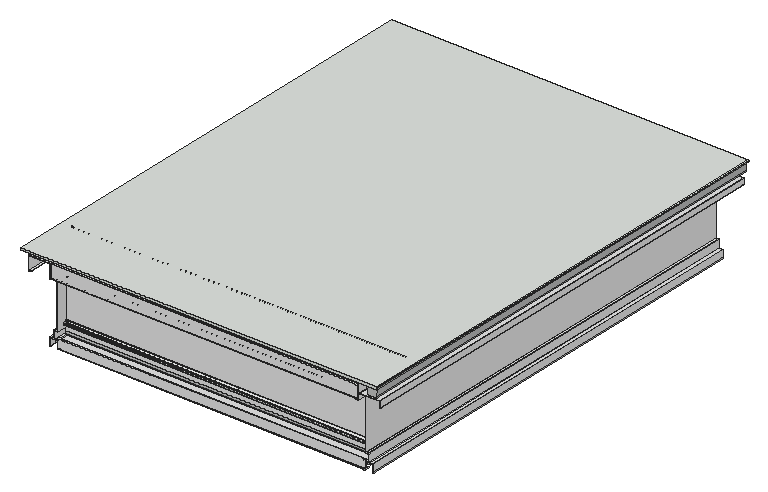
Revit family "Furniture-Mirror_Cabinet-KOHLER-K-56002K_1", category Casework, host Face, Revit 2022
Family settings
  Host = Face
  OmniClass Number = 23.21.19.00
  OmniClass Title = Casework
  Cut with Voids When Loaded = No
  Shared = No
  Room Calculation Point = No
Parameters (values of type "NA-Not Applicable")
  Width = 20"  # constant formula
  WaterSense Certified = 1 = 0  # no
  URL = "https://www.kohlerasiapacific.com/"
  Type = 1
  Surface Mount [instance] = no
  Recess Mount [instance] = not(Surface Mount)  # yes
  Product Page URL = ""
  Product Name = ""
  Product Documentation Link = ""
  Model = if(Type = 1, "K-56002K-NA", "NA")  # "K-56002K-NA"
  Material = "Aluminium"  # constant formula
  Master Format 2014 Name = "Bathroom Casework"  # constant formula
  Master Format 2014 = "12 35 30.23"  # constant formula
  Manufacturer Address = "No. 158 Jiang Chang San Road, Zhabei District, Shanghai, China"  # constant formula
  Manufacturer = "Kohler Co."  # constant formula
  Product Finish = Kohler-Metal-V-Matte_Silver
  Height = 25.98425"  # constant formula
  Hardware Included = 1 = 0  # no
  Finish = "Kohler-Metal-V-Matte_Silver"  # constant formula
  Environmental Product Declaration = ""
  Distance [instance] = if(or(Surface Mount), 3.73819", 0")  # 0"
  Description = "CL Refresh 20 Inch X 26 Inch Dual Mount Good"  # constant formula
  Depth = 4.91339"  # constant formula
  Default Elevation = 60"
  Declare Label = ""
  Date Modified = "09/10/2025"  # constant formula
  Date Created = "09/10/2025"  # constant formula
  Copyright = "Copyright Kohler Co."  # constant formula
  Contact Us = "https://www.kohlerasiapacific.com/contact-us"
  Assembly Code = "E2010.30"
  ADA Compliant = 1 = 0  # no
Reference planes (in)
  plane 1 "Center (Front/Back)": y = 0
  plane 2: z = 0
  plane 3 "Center (Left/Right)": x = 0
  plane 4: x = -7.99213
  plane 5: x = 7.99213
  plane 6: z = 1.17503
  plane 7: z = -3.73835
  plane 8: z = 0
  plane 9: z = 1.05692
  plane 10: z = 0.55177
  plane 11: x = 10
  plane 12: y = 12.99213
  plane 13: x = -10
  plane 14: y = -12.99213
  plane 15: x = 9.98054
  plane 16: x = -9.74409
  plane 17: y = 12.73622
  plane 18: y = -12.73622
Forms (in)
  Extrusion 1, void
    sketch origin (0, 0, 0) x (1, 0, 0) y (0, 0, 1)
      loop
        line (9.27132, -3.77772) -> (9.27132, 0) -> (-9, 0) -> (-9, -3.77772) -> (9.27132, -3.77772)
    from -12.28258 to 12.28575
Dimensions and locks (in)
  "Distance": plane 8 to level
  plane 6 to plane 8 = 1.17503"
  "Depth": plane 6 to plane 7
  "Width": plane 13 to plane 11
  "Height": plane 12 to plane 14
  plane 6 to plane 9 = 0.11811"
  plane 6 to plane 10 = 0.62326"
  plane 15 to plane 16 = 19.72463"
  plane 17 to plane 18 = 25.47244"
  aligned and locked: plane 2 to host face
  aligned and locked: level to host face
  aligned and locked: nested 1 to plane 8
  aligned and locked: Extrusion 1 to plane 8
Automatic sketch dimensions
  host sketch curve to host sketch curve = 96"  (x2)
  plane 4 to Extrusion 1 sketch curve = 1.00787"
  plane 5 to Extrusion 1 sketch curve = 1.27919"
  plane 7 to Extrusion 1 sketch curve = 0.03937"
  Extrusion 1 sketch curve to plane 8 = 0"
Nested families (in)
  nested 1: "K-56002K" at (0, 0, -3.73835), type "K-56002K"
Definition of nested family "K-56002K"
  Parameters
    Surface Mount = yes
    Recess Mount = yes
    Material = none
    Default Elevation = 0"
  Reference planes (in)
    plane 1 "Center (Front/Back)": y = 0
    plane 2: z = 0
    plane 3 "Center (Left/Right)": x = 0
    plane 4: z = 0
    plane 5: z = 4.91339
    plane 6: z = 3.73835
    plane 7: z = 4.29012
    plane 8: x = 10
    plane 9: x = -10
    plane 10: y = 12.99213
    plane 11: y = -12.99213
  Forms (in)
    Extrusion 1, solid, material <- "Material"
      sketch origin (0, 0, 0) x (1, 0, 0) y (0, 0, 1)
        loop
          line (-9.6811, 4.47343) -> (-8.55709, 4.47343)
          arc (-8.55709, 4.47343) -> (-8.54317, 4.46766) -> (-8.5374, 4.45374) r 0.01969
          line (-8.5374, 4.45374) -> (-8.5374, 0.90909)
          arc (-8.5374, 0.90909) -> (-8.54317, 0.89518) -> (-8.55709, 0.88941) r 0.01969
          line (-8.55709, 0.88941) -> (-8.68898, 0.88941)
          arc (-8.68898, 0.88941) -> (-8.7029, 0.88364) -> (-8.70866, 0.86972) r 0.01969
          line (-8.70866, 0.86972) -> (-8.70866, 0.46421)
          arc (-8.70866, 0.46421) -> (-8.71443, 0.45029) -> (-8.72835, 0.44453) r 0.01969
          line (-8.72835, 0.44453) -> (-8.92409, 0.44453)
          arc (-8.92409, 0.44453) -> (-8.93801, 0.43876) -> (-8.94378, 0.42484) r 0.01969
          line (-8.94378, 0.42484) -> (-8.94378, 0.02427)
          arc (-8.94378, 0.02427) -> (-8.92213, 0.00261) -> (-8.90047, 0.02427) r 0.02165
          line (-8.90047, 0.02427) -> (-8.90047, 0.40122) -> (-8.49413, 0.40122) -> (-8.49413, 0.44453) -> (-8.66535, 0.44453) -> (-8.66535, 0.8461) -> (-8.49409, 0.8461) -> (-8.49409, 4.51673) -> (-9.72441, 4.51673)
          arc (-9.72441, 4.51673) -> (-9.73833, 4.51097) -> (-9.74409, 4.49705) r 0.01969
          line (-9.74409, 4.49705) -> (-9.74409, 3.75804)
          arc (-9.74409, 3.75804) -> (-9.73833, 3.74412) -> (-9.72441, 3.73835) r 0.01969
          line (-9.72441, 3.73835) -> (-9.58811, 3.73835)
          arc (-9.58811, 3.73835) -> (-9.56571, 3.76075) -> (-9.58811, 3.78314) r 0.0224
          line (-9.58811, 3.78314) -> (-9.70079, 3.78314) -> (-9.70079, 4.45374)
          arc (-9.70079, 4.45374) -> (-9.69502, 4.46766) -> (-9.6811, 4.47343) r 0.01969
      from -12.73622 to 12.73622
    Extrusion 2, solid, visible <- "Surface Mount"
      sketch origin (-0.49193, 0, 0.66536) x (1, 0, 0) y (0, 0, 1)
        loop
          line (-9.16424, 3.06673) -> (-9.22197, 3.06673) -> (-9.25216, 3.03075) -> (-9.25216, -0.60834) -> (-9.23037, -0.63012) -> (-9.15584, -0.63012) -> (-9.13405, -0.60834) -> (-9.13405, 0.25177) -> (-9.13405, 3.03075) -> (-9.16424, 3.06673)
      from -12.73622 to 12.73622
    Extrusion 3, solid, material <- "Material", visible <- "Surface Mount"
      sketch origin (-2.50006, -0.00126, 0.2512) x (1, 0, 0) y (0, 1, 0)
        loop
          line (-7.12598, -10.8622) -> (-7.07508, -10.8622) -> (-7.07508, -10.17944)
          arc (-7.07508, -10.17944) -> (-7.05924, -10.11433) -> (-7.01524, -10.06378) r 0.1417
          line (-7.01524, -10.06378) -> (-6.06643, -9.39221)
          arc (-6.06643, -9.39221) -> (-6.04504, -9.36763) -> (-6.03734, -9.33598) r 0.0689
          line (-6.03734, -9.33598) -> (-6.03734, -8.66151)
          arc (-6.03734, -8.66151) -> (-6.04504, -8.62985) -> (-6.06643, -8.60528) r 0.06888
          line (-6.06643, -8.60528) -> (-7.01524, -7.93371)
          arc (-7.01524, -7.93371) -> (-7.05924, -7.88316) -> (-7.07508, -7.81805) r 0.1417
          line (-7.07508, -7.81805) -> (-7.07508, -7.13528) -> (-7.12598, -7.13528) -> (-7.12598, -7.82308)
          arc (-7.12598, -7.82308) -> (-7.1098, -7.88959) -> (-7.06487, -7.94122) r 0.14474
          line (-7.06487, -7.94122) -> (-6.12282, -8.608)
          arc (-6.12282, -8.608) -> (-6.09226, -8.64311) -> (-6.08125, -8.68833) r 0.09843
          line (-6.08125, -8.68833) -> (-6.08125, -9.30915)
          arc (-6.08125, -9.30915) -> (-6.09226, -9.35438) -> (-6.12282, -9.38949) r 0.09843
          line (-6.12282, -9.38949) -> (-7.06487, -10.05627)
          arc (-7.06487, -10.05627) -> (-7.1098, -10.1079) -> (-7.12598, -10.17441) r 0.14474
          line (-7.12598, -10.17441) -> (-7.12598, -10.8622)
      from 0.92199 to 2.33959
    Extrusion 4, solid, material <- "Material"
      sketch origin (0, 0, 0) x (1, 0, 0) y (0, 0, 1)
        loop
          line (8.73031, 4.51673) -> (8.73031, 0.86705)
          arc (8.73031, 0.86705) -> (8.73608, 0.85313) -> (8.75, 0.84737) r 0.01969
          line (8.75, 0.84737) -> (8.88189, 0.84737)
          arc (8.88189, 0.84737) -> (8.89581, 0.8416) -> (8.90157, 0.82768) r 0.01969
          line (8.90157, 0.82768) -> (8.90157, 0.44579) -> (8.73359, 0.44579) -> (8.73359, 0.40249) -> (9.11701, 0.40249)
          arc (9.11701, 0.40249) -> (9.13093, 0.39672) -> (9.13669, 0.3828) r 0.01969
          line (9.13669, 0.3828) -> (9.13669, 0.02464)
          arc (9.13669, 0.02464) -> (9.15835, 0.00299) -> (9.18, 0.02464) r 0.02165
          line (9.18, 0.02464) -> (9.18, 0.42611)
          arc (9.18, 0.42611) -> (9.17423, 0.44003) -> (9.16031, 0.44579) r 0.01969
          line (9.16031, 0.44579) -> (8.96457, 0.44579)
          arc (8.96457, 0.44579) -> (8.95065, 0.45156) -> (8.94488, 0.46548) r 0.01969
          line (8.94488, 0.46548) -> (8.94488, 0.87099)
          arc (8.94488, 0.87099) -> (8.93912, 0.88491) -> (8.9252, 0.89068) r 0.01969
          line (8.9252, 0.89068) -> (8.79331, 0.89068)
          arc (8.79331, 0.89068) -> (8.77939, 0.89644) -> (8.77362, 0.91036) r 0.01969
          line (8.77362, 0.91036) -> (8.77362, 4.04705)
          arc (8.77362, 4.04705) -> (8.77939, 4.06097) -> (8.79331, 4.06673) r 0.01969
          line (8.79331, 4.06673) -> (9.91271, 4.06673)
          arc (9.91271, 4.06673) -> (9.92663, 4.06097) -> (9.93239, 4.04705) r 0.01969
          line (9.93239, 4.04705) -> (9.93239, 3.76)
          arc (9.93239, 3.76) -> (9.95405, 3.73835) -> (9.9757, 3.76) r 0.02165
          line (9.9757, 3.76) -> (9.9757, 4.08555)
          arc (9.9757, 4.08555) -> (9.96853, 4.10287) -> (9.95121, 4.11004) r 0.02449
          line (9.95121, 4.11004) -> (8.7815, 4.11004) -> (8.7815, 4.51673) -> (8.73031, 4.51673)
      from -12.73622 to 12.73622
    Extrusion 5, solid, material <- "Material"
      sketch origin (0, -2.9922, 0.66531) x (0, 1, 0) y (0, 0, 1)
        loop
          line (15.70857, 3.83268) -> (14.6217, 3.83268)
          arc (14.6217, 3.83268) -> (14.6064, 3.8237) -> (14.60678, 3.80597) r 0.01752
          arc (14.60678, 3.80597) -> (14.62801, 3.75766) -> (14.63527, 3.70539) r 0.1918
          line (14.63527, 3.70539) -> (14.63527, 0.00829)
          arc (14.63527, 0.00829) -> (14.59725, -0.12575) -> (14.49452, -0.21986) r 0.25528
          arc (14.49452, -0.21986) -> (14.48282, -0.23057) -> (14.47849, -0.24583) r 0.02906
          line (14.47849, -0.24583) -> (14.47849, -0.27726) -> (14.91464, -0.27726) -> (14.91464, -0.36469)
          arc (14.91464, -0.36469) -> (14.9362, -0.38626) -> (14.95776, -0.36469) r 0.02156
          line (14.95776, -0.36469) -> (14.95776, -0.2649) -> (15.16559, -0.2649)
          arc (15.16559, -0.2649) -> (15.17951, -0.27067) -> (15.18527, -0.28459) r 0.01969
          line (15.18527, -0.28459) -> (15.18527, -0.60226)
          arc (15.18527, -0.60226) -> (15.17951, -0.61618) -> (15.16559, -0.62194) r 0.01969
          line (15.16559, -0.62194) -> (14.97886, -0.62194)
          arc (14.97886, -0.62194) -> (14.95717, -0.64363) -> (14.97886, -0.66532) r 0.02169
          line (14.97886, -0.66532) -> (15.20897, -0.66532)
          arc (15.20897, -0.66532) -> (15.22289, -0.65955) -> (15.22866, -0.64563) r 0.01969
          line (15.22866, -0.64563) -> (15.22866, -0.14482)
          arc (15.22866, -0.14482) -> (15.20697, -0.12312) -> (15.18527, -0.14482) r 0.02169
          line (15.18527, -0.14482) -> (15.18527, -0.1898)
          arc (15.18527, -0.1898) -> (15.17605, -0.21207) -> (15.15378, -0.22129) r 0.0315
          line (15.15378, -0.22129) -> (14.62044, -0.22129)
          arc (14.62044, -0.22129) -> (14.60354, -0.21049) -> (14.60626, -0.19062) r 0.01862
          arc (14.60626, -0.19062) -> (14.65947, -0.09946) -> (14.67796, 0.00445) r 0.30118
          line (14.67796, 0.00445) -> (14.67796, 0.32102)
          arc (14.67796, 0.32102) -> (14.686, 0.33689) -> (14.70354, 0.33981) r 0.01969
          arc (14.70354, 0.33981) -> (14.77792, 0.33983) -> (14.83893, 0.38237) r 0.12411
          arc (14.83893, 0.38237) -> (14.83851, 0.41763) -> (14.8041, 0.42533) r 0.02841
          arc (14.8041, 0.42533) -> (14.70716, 0.39515) -> (14.67796, 0.49239) r 0.07143
          arc (14.67796, 0.49239) -> (14.73662, 0.52954) -> (14.79913, 0.49931) r 0.07143
          arc (14.79913, 0.49931) -> (14.83582, 0.49292) -> (14.84222, 0.52961) r 0.02634
          arc (14.84222, 0.52961) -> (14.78053, 0.57577) -> (14.70348, 0.57663) r 0.12411
          arc (14.70348, 0.57663) -> (14.68598, 0.57953) -> (14.67796, 0.59536) r 0.01963
          line (14.67796, 0.59536) -> (14.67796, 2.72084)
          arc (14.67796, 2.72084) -> (14.686, 2.7367) -> (14.70354, 2.73962) r 0.01969
          arc (14.70354, 2.73962) -> (14.77792, 2.73964) -> (14.83893, 2.78219) r 0.12411
          arc (14.83893, 2.78219) -> (14.83851, 2.81744) -> (14.8041, 2.82514) r 0.02841
          arc (14.8041, 2.82514) -> (14.70716, 2.79497) -> (14.67796, 2.8922) r 0.07143
          arc (14.67796, 2.8922) -> (14.73662, 2.92935) -> (14.79913, 2.89912) r 0.07143
          arc (14.79913, 2.89912) -> (14.83582, 2.89273) -> (14.84222, 2.92942) r 0.02634
          arc (14.84222, 2.92942) -> (14.78053, 2.97558) -> (14.70348, 2.97644) r 0.12411
          arc (14.70348, 2.97644) -> (14.68598, 2.97934) -> (14.67796, 2.99517) r 0.01963
          line (14.67796, 2.99517) -> (14.67796, 3.76815)
          arc (14.67796, 3.76815) -> (14.68421, 3.78323) -> (14.6993, 3.78948) r 0.02133
          line (14.6993, 3.78948) -> (15.66535, 3.78948)
          arc (15.66535, 3.78948) -> (15.67927, 3.78371) -> (15.68504, 3.7698) r 0.01969
          line (15.68504, 3.7698) -> (15.68504, 3.11813) -> (15.64684, 3.11813)
          arc (15.64684, 3.11813) -> (15.6251, 3.09639) -> (15.64684, 3.07465) r 0.02174
          line (15.64684, 3.07465) -> (15.70622, 3.07465)
          arc (15.70622, 3.07465) -> (15.7218, 3.08111) -> (15.72826, 3.09669) r 0.02204
          line (15.72826, 3.09669) -> (15.72826, 3.813)
          arc (15.72826, 3.813) -> (15.72249, 3.82692) -> (15.70857, 3.83268) r 0.01969
      from -8.49409 to 8.73031
    Extrusion 6, solid, material <- "Material"
      sketch origin (0, 2.99039, 0.88977) x (0, -1, 0) y (0, 0, -1)
        loop
          arc (15.70692, -3.6072) -> (15.72084, -3.60144) -> (15.72661, -3.58752) r 0.01969
          line (15.72661, -3.58752) -> (15.72661, -2.87227)
          arc (15.72661, -2.87227) -> (15.72015, -2.85669) -> (15.70457, -2.85023) r 0.02204
          line (15.70457, -2.85023) -> (15.64518, -2.85023)
          arc (15.64518, -2.85023) -> (15.62494, -2.87048) -> (15.64518, -2.89072) r 0.02025
          line (15.64518, -2.89072) -> (15.68338, -2.89072) -> (15.68338, -3.54432)
          arc (15.68338, -3.54432) -> (15.67762, -3.55824) -> (15.6637, -3.564) r 0.01969
          line (15.6637, -3.564) -> (14.69764, -3.564)
          arc (14.69764, -3.564) -> (14.68256, -3.55775) -> (14.67631, -3.54267) r 0.02133
          line (14.67631, -3.54267) -> (14.67631, -2.76756)
          arc (14.67631, -2.76756) -> (14.68433, -2.75173) -> (14.70183, -2.74883) r 0.01963
          arc (14.70183, -2.74883) -> (14.77887, -2.74797) -> (14.84057, -2.70182) r 0.12411
          arc (14.84057, -2.70182) -> (14.83417, -2.66512) -> (14.79747, -2.67152) r 0.02634
          arc (14.79747, -2.67152) -> (14.73497, -2.70174) -> (14.67631, -2.66459) r 0.07143
          arc (14.67631, -2.66459) -> (14.70551, -2.56736) -> (14.80245, -2.59754) r 0.07143
          arc (14.80245, -2.59754) -> (14.83686, -2.58984) -> (14.83728, -2.55458) r 0.02841
          arc (14.83728, -2.55458) -> (14.77627, -2.51203) -> (14.70189, -2.51201) r 0.12411
          arc (14.70189, -2.51201) -> (14.68435, -2.50909) -> (14.67631, -2.49323) r 0.01969
          line (14.67631, -2.49323) -> (14.67631, -0.36775)
          arc (14.67631, -0.36775) -> (14.68433, -0.35192) -> (14.70183, -0.34902) r 0.01963
          arc (14.70183, -0.34902) -> (14.77887, -0.34816) -> (14.84057, -0.302) r 0.12411
          arc (14.84057, -0.302) -> (14.83417, -0.26531) -> (14.79747, -0.2717) r 0.02634
          arc (14.79747, -0.2717) -> (14.73497, -0.30193) -> (14.67631, -0.26478) r 0.07143
          arc (14.67631, -0.26478) -> (14.70551, -0.16755) -> (14.80245, -0.19772) r 0.07143
          arc (14.80245, -0.19772) -> (14.83686, -0.19002) -> (14.83728, -0.15477) r 0.02841
          arc (14.83728, -0.15477) -> (14.77627, -0.11222) -> (14.70189, -0.1122) r 0.12411
          arc (14.70189, -0.1122) -> (14.68435, -0.10928) -> (14.67631, -0.09342) r 0.01969
          line (14.67631, -0.09342) -> (14.67631, 0.22067)
          arc (14.67631, 0.22067) -> (14.65782, 0.32459) -> (14.6046, 0.41574) r 0.30118
          arc (14.6046, 0.41574) -> (14.60189, 0.43561) -> (14.61879, 0.44642) r 0.01862
          line (14.61879, 0.44642) -> (15.15212, 0.44642)
          arc (15.15212, 0.44642) -> (15.1744, 0.43719) -> (15.18362, 0.41492) r 0.0315
          line (15.18362, 0.41492) -> (15.18362, 0.36994)
          arc (15.18362, 0.36994) -> (15.20531, 0.34825) -> (15.227, 0.36994) r 0.02169
          line (15.227, 0.36994) -> (15.227, 0.87076)
          arc (15.227, 0.87076) -> (15.22124, 0.88468) -> (15.20732, 0.89044) r 0.01969
          line (15.20732, 0.89044) -> (14.9772, 0.89044)
          arc (14.9772, 0.89044) -> (14.95551, 0.86876) -> (14.9772, 0.84707) r 0.02169
          line (14.9772, 0.84707) -> (15.16394, 0.84707)
          arc (15.16394, 0.84707) -> (15.17786, 0.8413) -> (15.18362, 0.82738) r 0.01969
          line (15.18362, 0.82738) -> (15.18362, 0.50971)
          arc (15.18362, 0.50971) -> (15.17786, 0.49579) -> (15.16394, 0.49003) r 0.01969
          line (15.16394, 0.49003) -> (14.95611, 0.49003) -> (14.95611, 0.58982)
          arc (14.95611, 0.58982) -> (14.93455, 0.61138) -> (14.91299, 0.58982) r 0.02156
          line (14.91299, 0.58982) -> (14.91299, 0.50239) -> (14.47684, 0.50239) -> (14.47684, 0.47096)
          arc (14.47684, 0.47096) -> (14.48117, 0.4557) -> (14.49286, 0.44498) r 0.02906
          arc (14.49286, 0.44498) -> (14.5956, 0.35087) -> (14.63362, 0.21684) r 0.25528
          line (14.63362, 0.21684) -> (14.63362, -3.47991)
          arc (14.63362, -3.47991) -> (14.62636, -3.53218) -> (14.60513, -3.58049) r 0.1918
          arc (14.60513, -3.58049) -> (14.60475, -3.59822) -> (14.62005, -3.6072) r 0.01752
          line (14.62005, -3.6072) -> (15.70692, -3.6072)
      from -8.49409 to 8.73031
    Extrusion 7, solid, detail levels medium+fine
      sketch origin (-0.49213, 0, 0.88782) x (1, 0, 0) y (0, 0, 1)
        loop
          line (-9.48287, 4.02557) -> (-9.50787, 4.00057) -> (-9.50787, 3.93246) -> (-9.48287, 3.90746) -> (10.46713, 3.90746) -> (10.49213, 3.93246) -> (10.49213, 4.00057) -> (10.46713, 4.02557) -> (-9.48287, 4.02557)
      from -12.99213 to 12.99213
    Extrusion 8, solid
      sketch origin (0.47925, 0, 0.88977) x (1, 0, 0) y (0, 0, 1)
        loop
          line (9.48041, 3.90551) -> (8.84653, 3.90551) -> (8.91602, 3.46678)
          arc (8.91602, 3.46678) -> (8.94265, 3.41922) -> (8.99379, 3.40036) r 0.07874
          line (8.99379, 3.40036) -> (9.35642, 3.40036)
          arc (9.35642, 3.40036) -> (9.40911, 3.42058) -> (9.43473, 3.47087) r 0.07874
          line (9.43473, 3.47087) -> (9.48041, 3.90551)
      from -12.89483 to 12.89978
    Extrusion 9, solid, material <- "Material"
      sketch origin (0, 0, 0) x (1, 0, 0) y (0, 1, 0)
        loop
          line (9.41907, -7.48648) -> (9.41907, -4.51747) -> (8.0378, -4.51747) -> (8.0378, -7.48648) -> (9.41907, -7.48648)
        loop
          line (9.41951, 7.48558) -> (8.0457, 7.48558) -> (8.0457, 4.52888) -> (9.41951, 4.52888) -> (9.41951, 7.48558)
      from 4.29283 to 4.63824
    Sweep 10, solid
      path origin (-0.49334, 0, 0) x (1, 0, 0) y (0, 1, 0)
        loop
          line (10.0723, 9.84021) -> (-9.19946, 9.84021)
          arc (-9.19946, 9.84021) -> (-9.25514, 9.81715) -> (-9.2782, 9.76147) r 0.07874
          line (-9.2782, 9.76147) -> (-9.2782, -9.76378)
          arc (-9.2782, -9.76378) -> (-9.25514, -9.81946) -> (-9.19946, -9.84252) r 0.07874
          line (-9.19946, -9.84252) -> (10.0723, -9.84252)
      profile origin (-0.05692, -9.84252, 0) x (0, 1, 0) y (0, 0, 1)
        loop
          line (0.06152, 4.63824) -> (0.06152, 4.79593) -> (-0.12853, 4.79593)
          arc (-0.12853, 4.79593) -> (-0.05723, 4.74195) -> (-0.0223, 4.65962) r 0.17341
          arc (-0.0223, 4.65962) -> (-0.01399, 4.64433) -> (0.00231, 4.63824) r 0.02485
          line (0.00231, 4.63824) -> (0.06152, 4.63824)
    Extrusion 11, void
      sketch origin (0, 0, 0) x (1, 0, 0) y (0, 1, 0)
        loop
          line (5.94242, 9.60039) -> (-6.15401, 9.60039) -> (-6.15401, -8.55937) -> (5.94242, -8.55937) -> (5.94242, 9.60039)
      from 3.87721 to 4.71452
    Extrusion 12, solid
      sketch origin (-1.99311, 0, 0.74974) x (1, 0, 0) y (0, 1, 0)
        loop
          line (-7.38828, 9.3816) -> (-7.38828, 9.72609) -> (-7.73277, 9.72609) -> (-7.73277, 9.3816) -> (-7.38828, 9.3816)
        loop
          line (-7.39173, -9.39961) -> (-7.73622, -9.39961) -> (-7.73622, -9.74409) -> (-7.39173, -9.74409) -> (-7.39173, -9.39961)
      from 3.76699 to 3.90551
    Extrusion 13, solid
      sketch origin (0, 0, 0) x (1, 0, 0) y (0, 1, 0)
        loop
          line (-8.70866, -12.14267) -> (8.94488, -12.14267) -> (8.94488, 12.11176) -> (-8.70866, 12.11176) -> (-8.70866, -12.14267)
      from 0.27008 to 0.38805
    Extrusion 14, solid, material <- "Material", visible <- "Surface Mount"
      sketch origin (-2.5088, 0.01365, 0.2512) x (1, 0, 0) y (0, 1, 0)
        loop
          line (-7.12598, 10.8622) -> (-7.12598, 10.17441)
          arc (-7.12598, 10.17441) -> (-7.1098, 10.1079) -> (-7.06487, 10.05627) r 0.14474
          line (-7.06487, 10.05627) -> (-6.12282, 9.38949)
          arc (-6.12282, 9.38949) -> (-6.09226, 9.35438) -> (-6.08125, 9.30915) r 0.09843
          line (-6.08125, 9.30915) -> (-6.08125, 8.68833)
          arc (-6.08125, 8.68833) -> (-6.09226, 8.64311) -> (-6.12282, 8.608) r 0.09843
          line (-6.12282, 8.608) -> (-7.06487, 7.94122)
          arc (-7.06487, 7.94122) -> (-7.1098, 7.88959) -> (-7.12598, 7.82308) r 0.14474
          line (-7.12598, 7.82308) -> (-7.12598, 7.13528) -> (-7.07508, 7.13528) -> (-7.07508, 7.81805)
          arc (-7.07508, 7.81805) -> (-7.05924, 7.88316) -> (-7.01524, 7.93371) r 0.1417
          line (-7.01524, 7.93371) -> (-6.06643, 8.60528)
          arc (-6.06643, 8.60528) -> (-6.04504, 8.62985) -> (-6.03734, 8.66151) r 0.06888
          line (-6.03734, 8.66151) -> (-6.03734, 9.33598)
          arc (-6.03734, 9.33598) -> (-6.04504, 9.36763) -> (-6.06643, 9.39221) r 0.0689
          line (-6.06643, 9.39221) -> (-7.01524, 10.06378)
          arc (-7.01524, 10.06378) -> (-7.05924, 10.11433) -> (-7.07508, 10.17944) r 0.1417
          line (-7.07508, 10.17944) -> (-7.07508, 10.8622) -> (-7.12598, 10.8622)
      from 0.92199 to 2.33959
    Extrusion 15, solid, visible <- "Surface Mount"
      sketch origin (0.72835, 0, 0.66536) x (-1, 0, 0) y (0, 0, -1)
        loop
          line (-9.16405, -3.06673) -> (-9.13386, -3.03075) -> (-9.13386, -0.25177) -> (-9.13386, 0.60834) -> (-9.15564, 0.63012) -> (-9.23018, 0.63012) -> (-9.25197, 0.60834) -> (-9.25197, -3.03075) -> (-9.22178, -3.06673) -> (-9.16405, -3.06673)
      from -12.73622 to 12.73622
    Extrusion 16, solid, material <- "Material", visible <- "Surface Mount"
      sketch origin (2.74416, 0.00904, 0.2512) x (-1, 0, 0) y (0, -1, 0)
        loop
          line (-7.12598, 10.8622) -> (-7.12598, 10.17441)
          arc (-7.12598, 10.17441) -> (-7.1098, 10.1079) -> (-7.06487, 10.05627) r 0.14474
          line (-7.06487, 10.05627) -> (-6.12282, 9.38949)
          arc (-6.12282, 9.38949) -> (-6.09226, 9.35438) -> (-6.08125, 9.30915) r 0.09843
          line (-6.08125, 9.30915) -> (-6.08125, 8.68833)
          arc (-6.08125, 8.68833) -> (-6.09226, 8.64311) -> (-6.12282, 8.608) r 0.09843
          line (-6.12282, 8.608) -> (-7.06487, 7.94122)
          arc (-7.06487, 7.94122) -> (-7.1098, 7.88959) -> (-7.12598, 7.82308) r 0.14474
          line (-7.12598, 7.82308) -> (-7.12598, 7.13528) -> (-7.07508, 7.13528) -> (-7.07508, 7.81805)
          arc (-7.07508, 7.81805) -> (-7.05924, 7.88316) -> (-7.01524, 7.93371) r 0.1417
          line (-7.01524, 7.93371) -> (-6.06643, 8.60528)
          arc (-6.06643, 8.60528) -> (-6.04504, 8.62985) -> (-6.03734, 8.66151) r 0.06888
          line (-6.03734, 8.66151) -> (-6.03734, 9.33598)
          arc (-6.03734, 9.33598) -> (-6.04504, 9.36763) -> (-6.06643, 9.39221) r 0.0689
          line (-6.06643, 9.39221) -> (-7.01524, 10.06378)
          arc (-7.01524, 10.06378) -> (-7.05924, 10.11433) -> (-7.07508, 10.17944) r 0.1417
          line (-7.07508, 10.17944) -> (-7.07508, 10.8622) -> (-7.12598, 10.8622)
      from 0.92199 to 2.33959
    Extrusion 17, solid, material <- "Material", visible <- "Surface Mount"
      sketch origin (2.71758, 0.03817, 0.2512) x (-1, 0, 0) y (0, -1, 0)
        loop
          line (-7.12598, -10.8622) -> (-7.07508, -10.8622) -> (-7.07508, -10.17944)
          arc (-7.07508, -10.17944) -> (-7.05924, -10.11433) -> (-7.01524, -10.06378) r 0.1417
          line (-7.01524, -10.06378) -> (-6.06643, -9.39221)
          arc (-6.06643, -9.39221) -> (-6.04504, -9.36763) -> (-6.03734, -9.33598) r 0.0689
          line (-6.03734, -9.33598) -> (-6.03734, -8.66151)
          arc (-6.03734, -8.66151) -> (-6.04504, -8.62985) -> (-6.06643, -8.60528) r 0.06888
          line (-6.06643, -8.60528) -> (-7.01524, -7.93371)
          arc (-7.01524, -7.93371) -> (-7.05924, -7.88316) -> (-7.07508, -7.81805) r 0.1417
          line (-7.07508, -7.81805) -> (-7.07508, -7.13528) -> (-7.12598, -7.13528) -> (-7.12598, -7.82308)
          arc (-7.12598, -7.82308) -> (-7.1098, -7.88959) -> (-7.06487, -7.94122) r 0.14474
          line (-7.06487, -7.94122) -> (-6.12282, -8.608)
          arc (-6.12282, -8.608) -> (-6.09226, -8.64311) -> (-6.08125, -8.68833) r 0.09843
          line (-6.08125, -8.68833) -> (-6.08125, -9.30915)
          arc (-6.08125, -9.30915) -> (-6.09226, -9.35438) -> (-6.12282, -9.38949) r 0.09843
          line (-6.12282, -9.38949) -> (-7.06487, -10.05627)
          arc (-7.06487, -10.05627) -> (-7.1098, -10.1079) -> (-7.12598, -10.17441) r 0.14474
          line (-7.12598, -10.17441) -> (-7.12598, -10.8622)
      from 0.92199 to 2.33959
    Extrusion 18, solid
      sketch origin (0, 0, 0) x (1, 0, 0) y (0, 1, 0)
        loop
          line (-9.71003, -9.80213) -> (9.57896, -9.80213) -> (9.57896, 9.79724) -> (-9.71003, 9.79724) -> (-9.71003, -9.80213)
      from 4.63824 to 4.79593
    Extrusion 19, void
      sketch origin (0, 0, 0) x (0, 1, 0) y (0, 0, 1)
        loop
          line (-12.23622, -0.19705) -> (-12.23622, 3.73996) -> (-13.02362, 3.73996) -> (-13.02362, -0.19705) -> (-12.23622, -0.19705)
        loop
          line (12.23622, 3.73996) -> (12.23622, -0.19705) -> (13.02362, -0.19705) -> (13.02362, 3.73996) -> (12.23622, 3.73996)
      from 8.36085 to 9.41907
    Extrusion 20, void
      sketch origin (0, 0, 0) x (0, 1, 0) y (0, 0, 1)
        loop
          line (-12.23622, -0.19705) -> (-12.23622, 3.73996) -> (-13.02362, 3.73996) -> (-13.02362, -0.19705) -> (-12.23622, -0.19705)
        loop
          line (12.23622, 3.73996) -> (12.23622, -0.19705) -> (12.82677, -0.19705) -> (12.82677, 3.73996) -> (12.23622, 3.73996)
      from -9.05761 to -7.97659
    Extrusion 21, solid, detail levels coarse
      sketch origin (0, 0, 0) x (1, 0, 0) y (0, 1, 0)
        loop
          line (10, 12.99213) -> (-10, 12.99213) -> (-10, -12.99213) -> (10, -12.99213) -> (10, 12.99213)
      from 4.79528 to 4.91339
  Cuts and joins
    Extrusion 11 cuts Sweep 10
    Extrusion 11 cuts Extrusion 18
    joined: Sweep 10, Extrusion 18
    Extrusion 19 cuts Extrusion 4
    Extrusion 20 cuts Extrusion 1
  Lines and regions (in)
    Masking region 1
      outline origin (0, 0, 0) x (1, 0, 0) y (0, 1, 0)
        loop
          line (-10, 12.99213) -> (-10, -12.99213) -> (10, -12.99213) -> (10, 12.99213) -> (-10, 12.99213)
    Masking region 2
      outline origin (0, 0, 0) x (1, 0, 0) y (0, 0, 1)
        loop
          line (9.09449, 0) -> (9.09449, 0.20339) -> (8.73051, 0.20339) -> (8.73051, 0.27008) -> (9.09449, 0.27008) -> (9.09449, 0.4) -> (9.13669, 0.4) -> (9.13669, 0.02168)
          arc (9.13669, 0.02168) -> (9.15835, 0.00003) -> (9.18, 0.02168) r 0.02165
          line (9.18, 0.02168) -> (9.18, 0.42361)
          arc (9.18, 0.42361) -> (9.17423, 0.43754) -> (9.1603, 0.4433) r 0.0197
          line (9.1603, 0.4433) -> (8.96457, 0.4433)
          arc (8.96457, 0.4433) -> (8.95065, 0.44907) -> (8.94488, 0.46299) r 0.01969
          line (8.94488, 0.46299) -> (8.94488, 0.56913) -> (9.02695, 0.56913)
          arc (9.02695, 0.56913) -> (9.04087, 0.57489) -> (9.04664, 0.58881) r 0.01969
          line (9.04664, 0.58881) -> (9.04664, 0.70024)
          arc (9.04664, 0.70024) -> (9.04087, 0.71416) -> (9.02695, 0.71993) r 0.01969
          line (9.02695, 0.71993) -> (8.94488, 0.71993) -> (8.94488, 0.8685)
          arc (8.94488, 0.8685) -> (8.93912, 0.88242) -> (8.9252, 0.88819) r 0.01969
          line (8.9252, 0.88819) -> (8.79331, 0.88819)
          arc (8.79331, 0.88819) -> (8.77939, 0.89395) -> (8.77362, 0.90787) r 0.01969
          line (8.77362, 0.90787) -> (8.77362, 4.04705)
          arc (8.77362, 4.04705) -> (8.77939, 4.06097) -> (8.79331, 4.06673) r 0.01969
          line (8.79331, 4.06673) -> (9.91732, 4.06673)
          arc (9.91732, 4.06673) -> (9.93124, 4.06097) -> (9.93701, 4.04705) r 0.01969
          line (9.93701, 4.04705) -> (9.93701, 3.76)
          arc (9.93701, 3.76) -> (9.95866, 3.73835) -> (9.98031, 3.76) r 0.02165
          line (9.98031, 3.76) -> (9.98031, 4.09035)
          arc (9.98031, 4.09035) -> (9.97455, 4.10427) -> (9.96063, 4.11004) r 0.01969
          line (9.96063, 4.11004) -> (8.77362, 4.11004) -> (8.77362, 4.16825) -> (9.24044, 4.16825)
          arc (9.24044, 4.16825) -> (9.26271, 4.17748) -> (9.27194, 4.19975) r 0.0315
          line (9.27194, 4.19975) -> (9.27194, 4.25584) -> (9.82346, 4.25584) -> (9.82346, 4.29012) -> (9.86163, 4.29012)
          arc (9.86163, 4.29012) -> (9.90642, 4.30732) -> (9.92821, 4.35007) r 0.06694
          line (9.92821, 4.35007) -> (9.975, 4.79528) -> (10, 4.82028) -> (10, 4.88839) -> (9.975, 4.91339) -> (-9.975, 4.91339) -> (-10, 4.88839) -> (-10, 4.82028) -> (-9.975, 4.79528) -> (-9.90985, 4.79528)
          arc (-9.90985, 4.79528) -> (-9.90182, 4.7661) -> (-9.88035, 4.74478) r 0.05884
          arc (-9.88035, 4.74478) -> (-9.85071, 4.72141) -> (-9.82903, 4.69051) r 0.12998
          arc (-9.82903, 4.69051) -> (-9.82236, 4.67472) -> (-9.81782, 4.6582) r 0.12998
          arc (-9.81782, 4.6582) -> (-9.80993, 4.64517) -> (-9.79559, 4.64007) r 0.02269
          line (-9.79559, 4.64007) -> (-9.75738, 4.64007)
          arc (-9.75738, 4.64007) -> (-9.74327, 4.57776) -> (-9.72441, 4.51673) r 0.82933
          arc (-9.72441, 4.51673) -> (-9.73833, 4.51097) -> (-9.74409, 4.49705) r 0.01969
          line (-9.74409, 4.49705) -> (-9.74409, 3.75804)
          arc (-9.74409, 3.75804) -> (-9.73833, 3.74412) -> (-9.72441, 3.73835) r 0.01969
          line (-9.72441, 3.73835) -> (-9.58829, 3.73835)
          arc (-9.58829, 3.73835) -> (-9.56663, 3.76) -> (-9.58829, 3.78166) r 0.02165
          line (-9.58829, 3.78166) -> (-9.6811, 3.78166)
          arc (-9.6811, 3.78166) -> (-9.69502, 3.78742) -> (-9.70079, 3.80134) r 0.01969
          line (-9.70079, 3.80134) -> (-9.70079, 4.45374)
          arc (-9.70079, 4.45374) -> (-9.69502, 4.46766) -> (-9.6811, 4.47343) r 0.01969
          line (-9.6811, 4.47343) -> (-8.55709, 4.47343)
          arc (-8.55709, 4.47343) -> (-8.54317, 4.46766) -> (-8.5374, 4.45374) r 0.01969
          line (-8.5374, 4.45374) -> (-8.5374, 0.90787)
          arc (-8.5374, 0.90787) -> (-8.54317, 0.89395) -> (-8.55709, 0.88819) r 0.01969
          line (-8.55709, 0.88819) -> (-8.68898, 0.88819)
          arc (-8.68898, 0.88819) -> (-8.7029, 0.88242) -> (-8.70866, 0.8685) r 0.01969
          line (-8.70866, 0.8685) -> (-8.70866, 0.71871) -> (-8.79059, 0.71871)
          arc (-8.79059, 0.71871) -> (-8.80451, 0.71295) -> (-8.81028, 0.69903) r 0.01969
          line (-8.81028, 0.69903) -> (-8.81028, 0.58823)
          arc (-8.81028, 0.58823) -> (-8.80451, 0.57431) -> (-8.79059, 0.56854) r 0.01969
          line (-8.79059, 0.56854) -> (-8.70866, 0.56854) -> (-8.70866, 0.46299)
          arc (-8.70866, 0.46299) -> (-8.71443, 0.44907) -> (-8.72835, 0.4433) r 0.01969
          line (-8.72835, 0.4433) -> (-8.92409, 0.4433)
          arc (-8.92409, 0.4433) -> (-8.93801, 0.43754) -> (-8.94378, 0.42362) r 0.01969
          line (-8.94378, 0.42362) -> (-8.94378, 0.02165)
          arc (-8.94378, 0.02165) -> (-8.92213, -0.00001) -> (-8.90047, 0.02165) r 0.02165
          line (-8.90047, 0.02165) -> (-8.90047, 0.38031)
          arc (-8.90047, 0.38031) -> (-8.89471, 0.39423) -> (-8.88079, 0.4) r 0.01969
          line (-8.88079, 0.4) -> (-8.84771, 0.4) -> (-8.84771, 0.26811) -> (-8.49431, 0.26811) -> (-8.49431, 0.19685) -> (-8.84771, 0.19685) -> (-8.84771, 0) -> (-8.49431, 0) -> (9.09449, 0)
        loop
          line (8.73031, 0.44816) -> (8.89762, 0.44816) -> (8.89762, 0.84186) -> (8.73031, 0.84186) -> (8.73031, 0.44816)
        loop
          arc (-8.51378, 4.51673) -> (-8.49986, 4.51097) -> (-8.49409, 4.49705) r 0.01969
          line (-8.49409, 4.49705) -> (8.05741, 4.49705) -> (8.03788, 4.62032)
          arc (8.03788, 4.62032) -> (8.02996, 4.63446) -> (8.01477, 4.64007) r 0.0234
          line (8.01477, 4.64007) -> (-9.39694, 4.64007)
          arc (-9.39694, 4.64007) -> (-9.40659, 4.57697) -> (-9.42769, 4.51673) r 0.34532
          line (-9.42769, 4.51673) -> (-8.51378, 4.51673)
        loop
          arc (-8.64567, 0.84488) -> (-8.65959, 0.83911) -> (-8.66535, 0.82519) r 0.01969
          line (-8.66535, 0.82519) -> (-8.66535, 0.46299)
          arc (-8.66535, 0.46299) -> (-8.65959, 0.44907) -> (-8.64567, 0.4433) r 0.01969
          line (-8.64567, 0.4433) -> (-8.49409, 0.4433) -> (-8.49409, 0.84488) -> (-8.64567, 0.84488)
    Masking region 3, visible <- "Surface Mount"
      outline origin (0, 0, 0) x (1, 0, 0) y (0, 0, 1)
        loop
          line (9.8622, 0.03523) -> (9.98031, 0.03523) -> (9.98031, 3.73206) -> (9.8622, 3.73206) -> (9.8622, 3.25989) -> (9.79899, 3.25989) -> (9.79899, 2.59066) -> (8.7734, 2.59066) -> (8.7734, 1.17179) -> (9.79899, 1.17179) -> (9.79899, 0.50398) -> (9.8622, 0.50398) -> (9.8622, 0.03523)
    Masking region 4
      outline origin (0, 0, 0) x (0, 1, 0) y (0, 0, 1)
        loop
          line (12.73622, 3.73835) -> (12.73622, 4.29012) -> (12.79315, 4.29012)
          arc (12.79315, 4.29012) -> (12.82707, 4.30308) -> (12.84373, 4.33535) r 0.0509
          line (12.84373, 4.33535) -> (12.89529, 4.79528) -> (12.96713, 4.79528) -> (12.99213, 4.82028) -> (12.99213, 4.88839) -> (12.96713, 4.91339) -> (-12.96713, 4.91339) -> (-12.99213, 4.88839) -> (-12.99213, 4.82028) -> (-12.96713, 4.79528) -> (-12.89529, 4.79528) -> (-12.84373, 4.33535)
          arc (-12.84373, 4.33535) -> (-12.82707, 4.30308) -> (-12.79315, 4.29012) r 0.0509
          line (-12.79315, 4.29012) -> (-12.73622, 4.29012) -> (-12.73622, 3.73835) -> (12.73622, 3.73835)
    Masking region 5, visible <- "Surface Mount"
      outline origin (0, 0, 0) x (0, 1, 0) y (0, 0, 1)
        loop
          line (12.73622, 3.73048) -> (12.23622, 3.73048) -> (12.27332, 3.73835) -> (0, 3.73835) -> (-12.27332, 3.73835) -> (-12.23622, 3.73048) -> (-12.73622, 3.73048) -> (-12.73622, 0.03523) -> (-12.23622, 0.03523) -> (-12.23622, 0) -> (12.23622, 0) -> (12.23622, 0.03523) -> (12.73622, 0.03523) -> (12.73622, 3.73048)
    Masking region 6, visible <- "Recess Mount"
      outline origin (0, 0, 0) x (0, 1, 0) y (0, 0, 1)
        loop
          line (12.23622, 0) -> (12.23622, 3.73835) -> (-12.23622, 3.73835) -> (-12.23622, 0) -> (12.23622, 0)
    Masking region 7, visible <- "Surface Mount"
      outline origin (-1.77143, 0, 0) x (-1, 0, 0) y (0, 0, -1)
        loop
          line (7.85456, -0.03523) -> (7.85456, -0.50398) -> (7.79134, -0.50398) -> (7.79134, -1.17179) -> (6.76575, -1.17179) -> (6.76575, -2.59066) -> (7.79134, -2.59066) -> (7.79134, -3.25989) -> (7.85456, -3.25989) -> (7.85456, -3.73206) -> (7.97267, -3.73206) -> (7.97267, -0.03523) -> (7.85456, -0.03523)
    symbolic lines, detail levels medium+fine
      curve 1: line (8.73051, 0, 0.20339) -> (8.73051, 0, 0.27008)
      curve 2: line (9.09449, 0, 0.4) -> (8.73051, 0, 0.4)
      curve 3: line (8.73051, 0, 0.4) -> (8.73051, 0, 0.44816)
      curve 4: line (8.73051, 0, 0.44816) -> (8.89762, 0, 0.44816)
      curve 5: line (8.89762, 0, 0.44816) -> (8.89762, 0, 0.84186)
      curve 6: line (8.89762, 0, 0.84186) -> (8.73031, 0, 0.84186)
      curve 7: line (8.73031, 0, 4.51673) -> (8.73031, 0, 0.84186)
      curve 8: line (10, 0, 4.88839) -> (9.975, 0, 4.91339)
      curve 9: line (10, 0, 4.82028) -> (10, 0, 4.88839)
      curve 10: line (9.975, 0, 4.79528) -> (10, 0, 4.82028)
      curve 11: line (-9.90985, 0, 4.79528) -> (9.975, 0, 4.79528)
      curve 12: line (9.36854, 0, 4.75759) -> (9.41134, 0, 4.35036)
      curve 13: arc (9.47791, 0, 4.29043) -> (9.43312, 0, 4.30762) -> (9.41134, 0, 4.35036) r 0.06693
      curve 14: line (9.4097, 0, 4.36604) -> (8.77362, 0, 4.36604)
      curve 15: line (8.77362, 0, 4.36604) -> (8.77362, 0, 4.51673)
      curve 16: line (8.77362, 0, 4.51673) -> (8.73031, 0, 4.51673)
      curve 17: line (9.27194, 0, 4.29012) -> (9.27194, 0, 4.25584)
      curve 18: line (8.73051, 0, 0.4) -> (8.73051, 0, 0.27008)
      curve 19: line (9.36854, 0, 4.75759) -> (-9.89576, 0, 4.75759)
      curve 20: line (8.77362, 0, 4.36604) -> (8.77362, 0, 3.27848)
      curve 21: line (-8.49409, 0, 0.84488) -> (-8.49409, 0, 4.49707)
      curve 22: line (-8.55709, 0, 0.88819) -> (-8.68898, 0, 0.88819)
      curve 23: line (-8.70866, 0, 0.8685) -> (-8.70866, 0, 0.46299)
      curve 24: line (-8.66535, 0, 0.46299) -> (-8.66535, 0, 0.82519)
      curve 25: line (-8.88079, 0, 0.4) -> (-8.49431, 0, 0.4)
      curve 26: line (-8.90047, 0, 0.02165) -> (-8.90047, 0, 0.38031)
      curve 27: line (-8.49431, 0, 0.4) -> (-8.49431, 0, 0.4433)
      curve 28: line (-8.49431, 0, 0.4) -> (-8.49431, 0, 0)
      curve 29: line (8.73031, 0, 4.49693) -> (-8.49409, 0, 4.49707)
      curve 30: line (-8.49409, 0, 4.48187) -> (8.73031, 0, 4.48187)
      curve 31: line (8.73031, 0, 3.0897) -> (-8.49409, 0, 3.0897)
      curve 32: line (-8.49409, 0, 3.0746) -> (8.73031, 0, 3.0746)
      curve 33: line (8.73031, 0, 2.95485) -> (-8.49409, 0, 2.95485)
      curve 34: line (-8.49409, 0, 2.7014) -> (8.73031, 0, 2.7014)
      curve 35: line (8.73031, 0, 1.26217) -> (-8.49409, 0, 1.26217)
      curve 36: line (-8.49409, 0, 1.00659) -> (8.73031, 0, 1.00659)
      curve 37: line (8.73031, 0, 0.66944) -> (-8.49409, 0, 0.66944)
      curve 38: line (-8.49409, 0, 0.54226) -> (8.73031, 0, 0.54226)
      curve 39: line (8.73031, 0, 0.52605) -> (-8.49409, 0, 0.52605)
      curve 40: line (-4.79559, 0, 4.64007) -> (8.01477, 0, 4.64007)
      curve 41: line (8.10916, 0, 4.49693) -> (8.09412, 0, 4.64007)
      curve 42: line (8.01477, 0, 4.64007) -> (9.38089, 0, 4.64007)
      curve 43: line (9.38811, 0, 4.57139) -> (8.10133, 0, 4.57139)
      curve 44: arc (8.10133, 0, 4.57139) -> (8.06882, 0, 4.57807) -> (8.04157, 0, 4.59702) r 0.08248
      curve 45: line (9.37997, 0, 4.6489) -> (-9.81802, 0, 4.65929)
      curve 46: line (9.975, 0, 4.88839) -> (-9.975, 0, 4.88839)
      curve 47: line (9.975, 0, 4.82028) -> (9.975, 0, 4.88839)
      curve 48: line (-9.975, 0, 4.82028) -> (9.975, 0, 4.82028)
      curve 49: line (-9.975, 0, 4.82028) -> (-9.975, 0, 4.88839)
      curve 50: line (9.90267, 0, 4.79528) -> (9.84958, 0, 4.29012)
      curve 51: line (9.49945, 0, 4.34656) -> (9.85551, 0, 4.34656)
      curve 52: arc (9.85551, 0, 4.34656) -> (9.89162, 0, 4.34172) -> (9.92773, 0, 4.34656) r 0.13699
      curve 53: line (9.49945, 0, 4.34656) -> (9.47162, 0, 4.61138)
      curve 54: arc (9.47162, 0, 4.61138) -> (9.43911, 0, 4.6979) -> (9.36854, 0, 4.75759) r 0.18344
      curve 55: line (9.49945, 0, 4.34656) -> (9.49945, 0, 4.29012)
      curve 56: arc (9.49945, 0, 4.34656) -> (9.45353, 0, 4.35149) -> (9.4097, 0, 4.36604) r 0.21651
      curve 57: line (9.27194, 0, 4.19975) -> (8.77362, 0, 4.19975)
      curve 58: line (8.73051, 0, 0.20339) -> (8.73051, 0, 0)
      curve 59: line (-8.79059, 0, 0.71871) -> (-8.79059, 0, 0.56854)
      curve 60: line (9.02695, 0, 0.71993) -> (9.02695, 0, 0.56913)
      curve 63: line (0, -12.89529, 4.79528) -> (0, 12.89529, 4.79528)
      curve 64: line (0, 12.73622, 4.28596) -> (0, 12.73622, 4.51673)
      curve 65: line (0, 12.73622, 4.51673) -> (0, -12.73622, 4.51673)
      curve 66: line (0, -12.73622, 4.29012) -> (0, -12.73622, 4.51673)
      curve 67: line (0, -12.89139, 4.76048) -> (0, 12.89139, 4.76048)
      curve 68: line (0, 12.89038, 4.75145) -> (0, -12.89038, 4.75145)
      curve 69: line (0, -12.78816, 4.63939) -> (0, 12.7904, 4.63939)
      curve 70: arc (0, 12.89038, 4.75145) -> (0, 12.8415, 4.71374) -> (0, 12.81426, 4.65833) r 0.13639
      curve 71: arc (0, 12.81426, 4.65833) -> (0, 12.80564, 4.6447) -> (0, 12.7904, 4.63939) r 0.0245
      curve 72: arc (0, 12.85838, 4.75145) -> (0, 12.79087, 4.7069) -> (0, 12.74632, 4.63939) r 0.20151
      curve 73: line (0, 12.87877, 4.64787) -> (0, -12.87877, 4.64787)
      curve 74: line (0, 12.73622, 4.34558) -> (0, 12.78732, 4.34558)
      curve 75: line (0, 12.78732, 4.34558) -> (0, 12.81569, 4.61551)
      curve 76: line (0, 12.39322, 4.60944) -> (0, 10.81841, 4.60944)
      curve 77: arc (0, 10.81841, 4.60944) -> (0, 10.72281, 4.58471) -> (0, 10.65117, 4.51673) r 0.19721
      curve 78: line (0, 10.63148, 4.62529) -> (0, 7.36783, 4.62529)
      curve 79: line (0, 7.36783, 4.62529) -> (0, 7.47639, 4.51673)
      curve 80: line (0, 10.63148, 4.62529) -> (0, 10.52292, 4.51673)
      curve 81: line (0, 7.17362, 4.61097) -> (0, -7.17386, 4.61097)
      curve 82: arc (0, 7.35881, 4.51673) -> (0, 7.27752, 4.58606) -> (0, 7.17362, 4.61097) r 0.22907
      curve 83: line (0, 12.74023, 4.63939) -> (0, 12.70965, 4.51673)
      curve 84: line (0, 12.38575, 4.63939) -> (0, 12.41633, 4.51673)
      curve 85: arc (0, 12.81569, 4.61551) -> (0, 12.77449, 4.60886) -> (0, 12.73277, 4.60944) r 0.24015
      curve 86: arc (0, 12.89038, 4.75145) -> (0, 12.84604, 4.68733) -> (0, 12.81569, 4.61551) r 0.38087
      curve 87: line (0, -12.73622, 4.34595) -> (0, -12.84492, 4.34595)
      curve 88: line (0, -12.79348, 4.29012) -> (0, -12.79057, 4.34595)
      curve 89: line (0, -12.81439, 4.6152) -> (0, -12.79057, 4.34595)
      curve 90: line (0, -12.73622, 4.63939) -> (0, -12.71015, 4.51673)
      curve 91: line (0, -12.39029, 4.63939) -> (0, -12.41413, 4.51673)
      curve 92: arc (0, -12.7483, 4.64787) -> (0, -12.7904, 4.71408) -> (0, -12.85938, 4.75145) r 0.15617
      curve 93: arc (0, -12.88562, 4.75145) -> (0, -12.83704, 4.71469) -> (0, -12.81186, 4.65922) r 0.12387
      curve 94: line (0, -12.81439, 4.6152) -> (0, -12.73014, 4.61078)
      curve 95: arc (0, -12.81439, 4.6152) -> (0, -12.84474, 4.61202) -> (0, -12.8751, 4.6152) r 0.14672
      curve 96: arc (0, -12.81186, 4.65922) -> (0, -12.80361, 4.645) -> (0, -12.78816, 4.63939) r 0.02408
      curve 97: line (0, -12.96713, 4.88839) -> (0, 12.96713, 4.88839)
      curve 98: line (0, 12.96713, 4.88839) -> (0, 12.96713, 4.82028)
      curve 99: line (0, 12.96713, 4.82028) -> (0, -12.96713, 4.82028)
      curve 100: line (0, -12.96713, 4.82028) -> (0, -12.96713, 4.88839)
      curve 101: line (0, -7.36845, 4.62529) -> (0, -10.63233, 4.62529)
      curve 102: line (0, -10.63233, 4.62529) -> (0, -10.52377, 4.51673)
      curve 103: line (0, -7.36845, 4.62529) -> (0, -7.47701, 4.51673)
      curve 104: arc (0, -7.17386, 4.61097) -> (0, -7.27767, 4.58605) -> (0, -7.35886, 4.51673) r 0.22871
      curve 105: line (0, -10.82559, 4.61235) -> (0, -12.39555, 4.61235)
      curve 106: arc (0, -10.64292, 4.51673) -> (0, -10.7225, 4.587) -> (0, -10.82559, 4.61235) r 0.22229
      curve 120: arc (0, 12.81569, 4.61551) -> (0, 12.84641, 4.61862) -> (0, 12.87634, 4.62621) r 0.20954
      curve 121: line (0, 12.78732, 4.34558) -> (0, 12.78732, 4.29012)
      curve 122: line (0, 12.78732, 4.34558) -> (0, 12.84488, 4.34558)
      curve 123: line (-9.39694, 0, 4.64007) -> (-9.75738, 0, 4.64007)
      curve 124: line (-9.42769, 0, 4.51673) -> (-9.72441, 0, 4.51673)
      curve 145: line (9.82346, 0, 4.29012) -> (8.77362, 0, 4.29012)
      curve 146: line (9.92126, 12.91339, 0) -> (-9.92126, 12.91339, 0)
      curve 147: line (-9.92126, 12.91339, 0) -> (-9.92126, -12.91339, 0)
      curve 148: line (9.92126, -12.91339, 0) -> (9.92126, 12.91339, 0)
      curve 149: line (-9.92126, -12.91339, 0) -> (9.92126, -12.91339, 0)
      curve 150: line (-10, 12.91339, 0) -> (-9.92126, 12.99213, 0)
      curve 151: line (10, 12.91339, 0) -> (9.92126, 12.99213, 0)
      curve 152: line (-10, -12.91339, 0) -> (-9.92126, -12.99213, 0)
      curve 153: line (10, -12.91339, 0) -> (9.92126, -12.99213, 0)
    symbolic lines, visible <- "Surface Mount", detail levels medium+fine
      curve 61: line (9.95838, 0, 0.03523) -> (9.98054, 0, 0.0574)
      curve 62: line (9.88459, 0, 0.03523) -> (9.86243, 0, 0.0574)
      curve 107: line (0, -12.72122, 3.71548) -> (0, 12.72122, 3.71548)
      curve 108: line (0, -12.72122, 0.05023) -> (0, -12.72122, 3.71548)
      curve 109: line (0, -12.72122, 0.05023) -> (0, 12.72122, 0.05023)
      curve 110: line (0, 12.72122, 3.71548) -> (0, 12.72122, 0.05023)
      curve 111: line (0, 12.71425, 3.73048) -> (0, 12.73622, 3.70851)
      curve 112: line (0, -12.71425, 3.73048) -> (0, -12.73622, 3.70851)
      curve 113: line (0, 12.71425, 0.03523) -> (0, 12.73622, 0.0572)
      curve 114: line (0, -12.71425, 0.03523) -> (0, -12.73622, 0.0572)
      curve 117: line (0, 12.72122, 0.05023) -> (0, -12.72122, 0.05023)
      curve 118: line (0, -12.23622, 0.03523) -> (0, 12.23622, 0.03523)
      curve 119: line (0, 9.24409, 3.73048) -> (0, -9.74409, 3.73048)
      curve 125: line (9.86243, 0, 3.25989) -> (9.86243, 0, 0.50398)
      curve 126: line (9.79921, 0, 1.17179) -> (9.79921, 0, 2.59066)
      curve 127: line (9.8772, 0, 3.71709) -> (9.96531, 0, 3.71709)
      curve 128: line (9.96531, 0, 3.71709) -> (9.96531, 0, 0.0463)
      curve 129: line (9.8772, 0, 0.0463) -> (9.8772, 0, 3.71709)
      curve 130: line (9.96531, 0, 0.0463) -> (9.8772, 0, 0.0463)
      curve 131: line (8.79044, 0, 2.59066) -> (8.79044, 0, 1.16939)
      curve 132: line (-9.72212, 0, 0.03523) -> (-9.74429, 0, 0.0574)
      curve 133: line (-9.64834, 0, 0.03523) -> (-9.62618, 0, 0.0574)
      curve 134: line (-9.62618, 0, 3.25989) -> (-9.62618, 0, 0.50398)
      curve 135: line (-9.56296, 0, 1.17179) -> (-9.56296, 0, 2.59066)
      curve 136: line (-9.64095, 0, 3.71709) -> (-9.72906, 0, 3.71709)
      curve 137: line (-9.72906, 0, 3.71709) -> (-9.72906, 0, 0.0463)
      curve 138: line (-9.64095, 0, 0.0463) -> (-9.64095, 0, 3.71709)
      curve 139: line (-9.72906, 0, 0.0463) -> (-9.64095, 0, 0.0463)
      curve 140: line (-8.55418, 0, 2.59066) -> (-8.55418, 0, 1.16939)
      curve 141: line (-9.74409, 0, 3.69611) -> (-9.72334, 0, 3.73206)
      curve 142: line (-9.62637, 0, 3.69611) -> (-9.64712, 0, 3.73206)
      curve 143: line (9.98054, 0, 3.70821) -> (9.95669, 0, 3.73206)
      curve 144: line (9.86198, 0, 3.70821) -> (9.88583, 0, 3.73206)
      curve 154: line (0, 12.23622, 3.73048) -> (0, -12.23622, 3.73048)
    symbolic lines, visible <- "Recess Mount", detail levels medium+fine
      curve 115: line (0, -12.23622, 0.4) -> (0, 12.23622, 0.4)
      curve 116: line (0, 12.23622, 0.37638) -> (0, -12.23622, 0.37638)
  Dimensions and locks (in)
    aligned and locked: plane 2 to level
